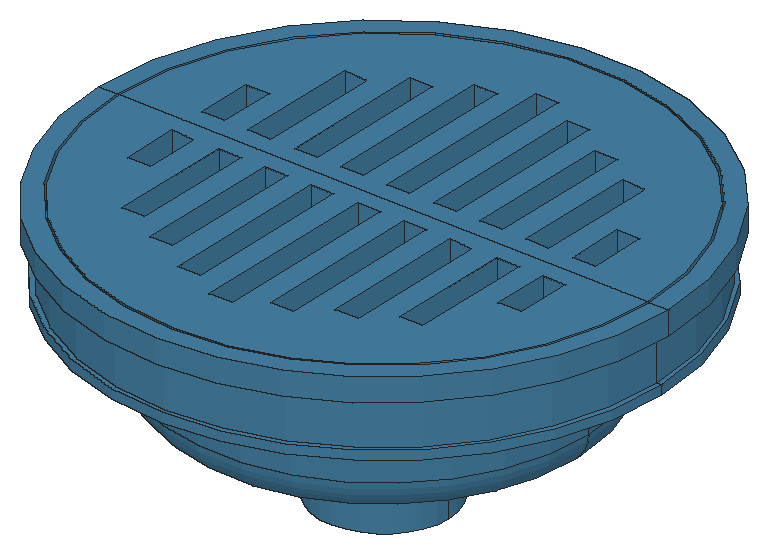
Revit family "Drain_Area_Top_Round_Zurn-Z503", category Plumbing Fixtures, Revit 2022
Family settings
  Round Connector Dimension = Use Radius
  Part Type = Normal
  OmniClass Number = 23.45.55.21
  OmniClass Title = Drains (Wastes)
  Work Plane-Based = No
  Always vertical = Yes
  Cut with Voids When Loaded = No
  Maintain Annotation Orientation = No
  Shared = No
  Room Calculation Point = No
Parameters (values of type "Load Family Catalog")
  ZN-Top = no
  Waste Connection = 1 = 1  # yes
  WFU = 0  # constant formula
  Vent Connection = 1 = 0  # no
  URL = "www.zurn.com"
  Type Comments = "Z503-3 Inch Inside Caulk Outlet"
  Trap Primer = 1 = 1  # yes
  Grate Open Area (Sq. In) = "53"
  Grater Material = Iron - Zurn - Cast - Painted - Blue
  Product data url = "https://www.bimobject.com/en-us/zurnindustries/product/zurn-z503"
  Product Page URL = "https://www.zurn.com/products/drainage-interceptors/floor-drains/area-drains/z503"
  Product Documentation Link = "https://files.zurn.com/spec-sheets/z503.pdf"
  Frame Height = 1.875"
  Connector Radius = [A_ Pipe Size (Nominal)] / 2  # 1.500"
  Model = "Z503-3IC"
  Main Material = Iron - Zurn - Cast - Painted - Blue
  HWFU = 0  # constant formula
  HW Connection = 1 = 0  # no
  Description = "15-3/8 [391] DIAMETER TOP HEAVY-DUTY AREA DRAIN"  # constant formula
  CWFU = 0  # constant formula
  CW Connection = 1 = 0  # no
  Assembly Code = "D2030300"
  A_ Pipe Size (Nominal) = 3.000"
  A_ Pipe Size (Actual-Outer) = 3.500"
  A_ Pipe Size (Actual-Inner) = 2.998"
  Modified Date = "11/07/2025"  # constant formula
  Manufacurer Brand = "Zurn"  # constant formula
  Manufacturer = "Zurn Water, LLC"  # constant formula
  E_ Body Height = 5.250"
  Default Elevation = 4.000"  # constant formula
  Date Created = "01/19/2018"  # constant formula
  Approx. Weight (Lbs) = 65.000"
Reference planes (in)
  plane 1 "Center (Front/Back)": y = 0
  plane 2 "Top Level": z = -1.875
  plane 3 "Center (Left/Right)": x = 0
  plane 4: through (-4.38902, 4.38902, 48) normal (0.7071, 0.7071, 0)
  plane 5: through (4.7432, 4.7432, 48) normal (0.7071, -0.7071, 0)
  plane 6: x = -7.5
  plane 7: x = 7.5
  plane 8: x = -7.6875
  plane 9: x = 7.6875
  plane 10: x = -7.375
  plane 11: x = 7.375
  plane 12: x = -7.25
  plane 13: x = 7.25
  plane 14: z = -0.125
  plane 15: z = -0.625
  plane 16: x = -7.25
  plane 17: x = 7.25
  plane 18: x = -6
  plane 19: x = -1.75
  plane 20: x = 1.75
  plane 21: x = -1.499
  plane 22: x = 1.499
  plane 23: z = -4.4375
  plane 24: z = -4.6875
  plane 25: x = -5.4375
  plane 26: z = -7.125
  plane 27: z = -2.125
  plane 28: z = 0
  plane 29: y = 0.5
  plane 30: y = 5.5
  plane 31: y = 5
  plane 32: y = 3.75
  plane 33: y = 2
  plane 34: y = 4.375
  plane 35: y = -0.5
  plane 36: y = -3.75
  plane 37: y = -4.375
  plane 38: y = -5.5
  plane 39: y = -5
  plane 40: y = -2
  plane 41: x = -0.3125
  plane 42: x = -0.9375
  plane 43: x = -1.5625
  plane 44: x = -2.1875
  plane 45: x = -2.8125
  plane 46: x = -3.4375
  plane 47: x = -4.0625
  plane 48: x = -4.6875
  plane 49: x = -5.3125
  plane 50: x = 0.3125
  plane 51: x = 0.9375
  plane 52: x = 1.5625
  plane 53: x = 2.1875
  plane 54: x = 2.8125
  plane 55: x = 3.4375
  plane 56: x = 4.0625
  plane 57: x = 4.6875
  plane 58: x = 5.3125
  plane 59: y = 1.75
  plane 60: y = -1.75
  plane 61: x = -6.125
  plane 62: x = 6.125
  plane 63: y = 7
  plane 64: y = -7
Forms (in)
  Revolve 1, solid, material "Iron - Zurn - Cast - Painted - Blue" <- "Main Material", detail levels fine
    sketch origin (0, 0, 0) x (1, 0, 0) y (0, 0, 1)
      loop
        line (-7.5, -1.875) -> (-7.5, -2.125) -> (-7.27407, -2.125) -> (-6.12272, -2.3488)
        arc (-6.12272, -2.3488) -> (-5.77751, -2.54411) -> (-5.61935, -2.90785) r 0.625
        line (-5.61935, -2.90785) -> (-5.54351, -3.77466)
        arc (-5.54351, -3.77466) -> (-5.22291, -4.42478) -> (-4.54732, -4.6875) r 1
        line (-4.54732, -4.6875) -> (-2.25, -4.6875)
        arc (-2.25, -4.6875) -> (-1.89645, -4.83395) -> (-1.75, -5.1875) r 0.5
        line (-1.75, -5.1875) -> (-1.75, -7.125) -> (-1.499, -7.125) -> (-1.499, -4.4375) -> (-4.54732, -4.4375)
        arc (-4.54732, -4.4375) -> (-5.05401, -4.24046) -> (-5.29447, -3.75287) r 0.75
        line (-5.29447, -3.75287) -> (-5.4375, -2.11798) -> (-6, -2.11798) -> (-7.25, -1.875) -> (-7.5, -1.875)
      axis (0, -7.125) -> (0, -1.875)
    angle from 0 to 360
  Revolve 2, solid, material "Iron - Zurn - Cast - Painted - Blue" <- "Main Material", detail levels fine
    sketch origin (0, 0, 0) x (1, 0, 0) y (0, 0, 1)
      loop
        line (7.6875, 0) -> (7.1875, 0) -> (7.1875, -0.625) -> (6.875, -0.625) -> (6.875, -1.875) -> (7.375, -1.875) -> (7.375, -0.625) -> (7.6875, -0.625) -> (7.6875, 0)
      axis (0, 0) -> (0, -1.875)
    angle from 0 to 360
  Revolve 3, solid, material "Iron - Zurn - Cast - Painted - Blue" <- "Grater Material", detail levels fine
    sketch origin (0, 0, 0) x (1, 0, 0) y (0, 0, 1)
      loop
        line (0, 0) -> (0, -0.625) -> (7.125, -0.625) -> (7.125, 0) -> (0, 0)
      axis (0, 0) -> (0, -0.625)
    angle from 0 to 360
  Revolve 4, solid, material "Iron - Zurn - Cast - Painted - Blue" <- "Grater Material", visible <- "ZN-Top", detail levels fine
    sketch origin (0, 0, 0) x (1, 0, 0) y (0, 0, 1)
      loop
        line (0, 0) -> (7.6875, 0) -> (7.6875, 0.1875) -> (0, 0.1875) -> (0, 0)
      axis (0, 0.1875) -> (0, 0)
    angle from 0 to 360
  Extrusion 5, void
    sketch origin (0, 0, -1.875) x (1, 0, 0) y (0, 1, 0)
      loop
        line (-0.3125, 5.5) -> (-0.3125, 0.5) -> (0.3125, 0.5) -> (0.3125, 5.5) -> (-0.3125, 5.5)
      loop
        line (2.1875, 4.375) -> (2.1875, 0.5) -> (2.8125, 0.5) -> (2.8125, 4.375) -> (2.1875, 4.375)
      loop
        line (3.4375, 3.75) -> (3.4375, 0.5) -> (4.0625, 0.5) -> (4.0625, 3.75) -> (3.4375, 3.75)
      loop
        line (4.6875, 2) -> (4.6875, 0.5) -> (5.3125, 0.5) -> (5.3125, 2) -> (4.6875, 2)
      loop
        line (-2.8125, 4.375) -> (-2.8125, 0.5) -> (-2.1875, 0.5) -> (-2.1875, 4.375) -> (-2.8125, 4.375)
      loop
        line (-4.0625, 3.75) -> (-4.0625, 0.5) -> (-3.4375, 0.5) -> (-3.4375, 3.75) -> (-4.0625, 3.75)
      loop
        line (-5.3125, 2) -> (-5.3125, 0.5) -> (-4.6875, 0.5) -> (-4.6875, 2) -> (-5.3125, 2)
      loop
        line (-1.5625, 5) -> (-1.5625, 0.5) -> (-0.9375, 0.5) -> (-0.9375, 5) -> (-1.5625, 5)
      loop
        line (0.9375, 5) -> (0.9375, 0.5) -> (1.5625, 0.5) -> (1.5625, 5) -> (0.9375, 5)
      loop
        line (-5.3125, -0.5) -> (-5.3125, -2) -> (-4.6875, -2) -> (-4.6875, -0.5) -> (-5.3125, -0.5)
      loop
        line (-4.0625, -0.5) -> (-4.0625, -3.75) -> (-3.4375, -3.75) -> (-3.4375, -0.5) -> (-4.0625, -0.5)
      loop
        line (-2.8125, -0.5) -> (-2.8125, -4.375) -> (-2.1875, -4.375) -> (-2.1875, -0.5) -> (-2.8125, -0.5)
      loop
        line (-1.5625, -0.5) -> (-1.5625, -5) -> (-0.9375, -5) -> (-0.9375, -0.5) -> (-1.5625, -0.5)
      loop
        line (-0.3125, -0.5) -> (-0.3125, -5.5) -> (0.3125, -5.5) -> (0.3125, -0.5) -> (-0.3125, -0.5)
      loop
        line (0.9375, -0.5) -> (0.9375, -5) -> (1.5625, -5) -> (1.5625, -0.5) -> (0.9375, -0.5)
      loop
        line (2.1875, -0.5) -> (2.1875, -4.375) -> (2.8125, -4.375) -> (2.8125, -0.5) -> (2.1875, -0.5)
      loop
        line (3.4375, -0.5) -> (3.4375, -3.75) -> (4.0625, -3.75) -> (4.0625, -0.5) -> (3.4375, -0.5)
      loop
        line (4.6875, -0.5) -> (4.6875, -2) -> (5.3125, -2) -> (5.3125, -0.5) -> (4.6875, -0.5)
    from 1.25 to 2.0625
Cuts and joins
  Extrusion 5 cuts Revolve 2
  Extrusion 5 cuts Revolve 3
  Extrusion 5 cuts Revolve 4
Lines and regions (in)
  Masking region 1, detail levels fine
    outline origin (0, 0, -1.875) x (1, 0, 0) y (0, 1, 0)
      loop
        circle (0, 0) r 7.6875
  model lines, detail levels coarse+medium
    curve 1: line (0, 0, 0) -> (0, 0, -7.125)
    curve 2: line (-1.75, 0, -7.125) -> (1.75, 0, -7.125)
    curve 3: line (0, 1.75, -7.125) -> (0, -1.75, -7.125)
    curve 4: circle (0, 0, 0) r 7 normal (0, 0, 1)
    curve 5: line (-4.6875, 5.19878, 0) -> (-4.6875, -5.19878, 0)
    curve 6: line (-3.4375, 6.09784, 0) -> (-3.4375, -6.09784, 0)
    curve 7: line (-2.1875, 6.64942, 0) -> (-2.1875, -6.64942, 0)
    curve 8: line (0, 7, 0) -> (0, -7, 0)
    curve 9: line (4.6875, 5.19878, 0) -> (4.6875, -5.19878, 0)
    curve 10: line (3.4375, 6.09784, 0) -> (3.4375, -6.09784, 0)
    curve 11: line (2.1875, -6.64942, 0) -> (2.1875, 6.64942, 0)
    curve 12: line (0.9375, 6.93694, 0) -> (0.9375, -6.93694, 0)
    curve 13: line (-0.9375, 6.93694, 0) -> (-0.9375, -6.93694, 0)
    curve 14: line (-4.89898, 5, 0) -> (4.89898, 5, 0)
    curve 15: line (-5.9108, 3.75, 0) -> (5.9108, 3.75, 0)
    curve 16: line (-6.7082, 2, 0) -> (6.7082, 2, 0)
    curve 17: line (-7, 0, 0) -> (7, 0, 0)
    curve 18: line (-6.9282, 1, 0) -> (6.9282, 1, 0)
    curve 19: line (-6.38235, 2.875, 0) -> (6.38235, 2.875, 0)
    curve 20: line (-6.9282, -1, 0) -> (6.9282, -1, 0)
    curve 21: line (-6.7082, -2, 0) -> (6.7082, -2, 0)
    curve 22: line (-6.38235, -2.875, 0) -> (6.38235, -2.875, 0)
    curve 23: line (-5.9108, -3.75, 0) -> (5.9108, -3.75, 0)
    curve 24: line (-5.13407, -4.75829, 0) -> (4.91447, -4.98477, 0)
    curve 25: circle (0, 0, 0) r 7.6875 normal (0, 0, 1)
Dimensions and locks (in)
  locked: plane 3 "Center (Left/Right)" to plane 4
  locked: plane 5 to plane 4
  level to plane 2 "Top Level" = 1.875"
  equal spacing: plane 7, plane 3 "Center (Left/Right)", plane 6, locked at 7.5 each
  locked: plane 7 to plane 6 at 15
  equal spacing: plane 9, plane 3 "Center (Left/Right)", plane 8, locked at 7.6875 each
  locked: plane 10 to plane 8 at 0.3125
  locked: plane 9 to plane 11 at 0.3125
  locked: plane 12 to plane 8 at 0.4375
  locked: plane 9 to plane 13 at 0.4375
  locked: plane 16 to plane 6 at 0.25
  locked: plane 7 to plane 17 at 0.25
  equal spacing: plane 19, plane 3 "Center (Left/Right)", plane 20
  "A_ Pipe Size (Actual-Outer)": plane 19 to plane 20
  equal spacing: plane 22, plane 3 "Center (Left/Right)", plane 21
  "A_ Pipe Size (Actual-Inner)": plane 22 to plane 21
  locked: plane 2 "Top Level" to plane 23 at 2.5625
  locked: plane 23 to plane 24 at 0.25
  locked: plane 25 to plane 6 at 2.0625
  "E_ Body Height": plane 2 "Top Level" to plane 26
  locked: plane 2 "Top Level" to plane 27 at 0.25
  locked: Revolve 1 sketch curve to Revolve 1 sketch curve at 0.25  (x2)
  locked: plane 3 "Center (Left/Right)" to Revolve 1 sketch curve at 6.24197
  locked: plane 2 "Top Level" to Revolve 1 sketch curve at 1.08732
  plane 25 to Revolve 1 sketch curve = 0.89018"
  Revolve 1 sketch curve to plane 24 = 1.000"
  locked: Revolve 1 sketch curve to plane 19 at 0.5
  locked: plane 24 to Revolve 1 sketch curve at 0.5
  locked: plane 28 to plane 14 at 0.125
  locked: plane 28 to plane 15 at 0.625
  locked: plane 28 to plane 2 "Top Level" at 1.875
  locked: Revolve 4 sketch curve to plane 28 at 0.1875
  "Frame Height": level to plane 2 "Top Level"
  locked: plane 1 "Center (Front/Back)" to plane 29 at 0.5
  locked: plane 30 to plane 1 "Center (Front/Back)" at 5.5
  plane 30 to plane 31 = 0.500"
  locked: plane 32 to plane 33 at 1.75
  locked: plane 34 to plane 31 at 0.625
  plane 40 to plane 36 = 1.750"
  plane 36 to plane 37 to plane 39 to plane 38 = 0.625" locked, 0.625" locked, 0.500" locked
  locked: plane 38 to plane 1 "Center (Front/Back)" at 5.5
  locked: plane 1 "Center (Front/Back)" to plane 35 at 0.5
  plane 46 to plane 45 to plane 44 to plane 43 to plane 42 to plane 41 = 0.625" locked, 0.625" locked, 0.625" locked, 0.625" locked, 0.625" locked
  locked: plane 41 to plane 3 "Center (Left/Right)" at 0.3125
  plane 49 to plane 48 to plane 47 to plane 46 = 0.625" locked, 0.625" locked, 0.625" locked
  plane 55 to plane 54 to plane 53 to plane 52 to plane 51 to plane 50 = 0.625" locked, 0.625" locked, 0.625" locked, 0.625" locked, 0.625" locked
  plane 58 to plane 57 to plane 56 to plane 55 = 0.625" locked, 0.625" locked, 0.625" locked
  locked: plane 41 to plane 50 at 0.625
  locked: plane 34 to plane 32 at 0.625
  "A_ Pipe Size (Actual-Outer)": plane 59 to plane 60
  equal spacing: plane 59, plane 1 "Center (Front/Back)", plane 60
  plane 63 to plane 64 = 14.000"
  equal spacing: plane 63, plane 1 "Center (Front/Back)", plane 64
  locked: plane 1 "Center (Front/Back)" to curve 18 at 1
  locked: curve 19 to plane 33 at 0.875
  locked: curve 20 to plane 1 "Center (Front/Back)" at 1
  locked: curve 22 to plane 40 at 0.875
  locked: plane 9 to plane 8 at 15.375
  locked: Revolve 2 sketch curve to plane 17 at 0.375
  locked: Revolve 3 sketch curve to plane 3 "Center (Left/Right)" at 7.125
  locked: Revolve 2 sketch curve to plane 3 "Center (Left/Right)" at 7.1875
  radius of Revolve 1 sketch curve = 0.625"
  radius of Revolve 1 sketch curve = 0.750"
  radius of Revolve 1 sketch curve = 1.000"  (x2)
  radius of Revolve 1 sketch curve = 0.500"
  diameter of Masking region 1 sketch curve = 15.375"
  diameter of curve 4 = 14.000"
  angle Revolve 1 sketch curve to Revolve 1 sketch curve = 95.00°
  angle Revolve 1 sketch curve to plane 2 "Top Level" = 11.00°
  aligned and locked: Revolve 1 sketch curve to plane 6
  aligned and locked: plane 16 to Revolve 1 sketch curve
  aligned and locked: Revolve 1 sketch curve to plane 2 "Top Level"
  aligned and locked: Revolve 1 sketch curve to plane 23
  aligned and locked: Revolve 1 sketch curve to plane 19
  aligned and locked: Revolve 1 sketch curve to plane 21
  aligned and locked: plane 23 to Revolve 1 sketch curve
  aligned and locked: plane 3 "Center (Left/Right)" to Revolve 1 sketch curve
  aligned and locked: plane 26 to Revolve 1 sketch curve
  aligned and locked: Revolve 1 sketch curve to plane 27
  aligned and locked: plane 18 to Revolve 1 sketch curve
  aligned and locked: plane 25 to Revolve 1 sketch curve
  aligned and locked: level to Revolve 2 sketch curve
  aligned and locked: Revolve 2 sketch curve to Revolve 1
  aligned and locked: Revolve 2 sketch curve to plane 3 "Center (Left/Right)"
  aligned and locked: Revolve 3 sketch curve to plane 3 "Center (Left/Right)"  (x2)
  aligned and locked: Revolve 3 sketch curve to plane 15
  aligned and locked: plane 28 to Revolve 3 sketch curve
  aligned and locked: level to Revolve 3 sketch curve
  aligned and locked: Revolve 3 sketch curve to Revolve 1
  aligned and locked: Revolve 4 sketch curve to plane 3 "Center (Left/Right)"  (x2)
  aligned and locked: Revolve 4 sketch curve to plane 28
  aligned and locked: level to Revolve 4 sketch curve
  aligned and locked: Revolve 4 sketch curve to Revolve 1
  aligned and locked: plane 29 to Extrusion 5 sketch curve  (x9)
  aligned and locked: plane 49 to Extrusion 5 sketch curve  (x2)
  aligned and locked: plane 48 to Extrusion 5 sketch curve  (x2)
  aligned and locked: Extrusion 5 sketch curve to plane 33  (x2)
  aligned and locked: plane 47 to Extrusion 5 sketch curve  (x2)
  aligned and locked: Extrusion 5 sketch curve to plane 46  (x2)
  aligned and locked: Extrusion 5 sketch curve to plane 32  (x2)
  aligned and locked: Extrusion 5 sketch curve to plane 45  (x2)
  aligned and locked: Extrusion 5 sketch curve to plane 44  (x2)
  aligned and locked: plane 34 to Extrusion 5 sketch curve  (x2)
  aligned and locked: Extrusion 5 sketch curve to plane 30
  aligned and locked: plane 41 to Extrusion 5 sketch curve  (x2)
  aligned and locked: plane 50 to Extrusion 5 sketch curve  (x2)
  aligned and locked: Extrusion 5 sketch curve to plane 53  (x2)
  aligned and locked: Extrusion 5 sketch curve to plane 54  (x2)
  aligned and locked: Extrusion 5 sketch curve to plane 55  (x2)
  aligned and locked: plane 56 to Extrusion 5 sketch curve  (x2)
  aligned and locked: plane 57 to Extrusion 5 sketch curve  (x2)
  aligned and locked: plane 58 to Extrusion 5 sketch curve  (x2)
  aligned and locked: Extrusion 5 sketch curve to plane 43  (x2)
  aligned and locked: Extrusion 5 sketch curve to plane 42  (x2)
  aligned and locked: Extrusion 5 sketch curve to plane 31  (x2)
  aligned and locked: Extrusion 5 sketch curve to plane 51  (x2)
  aligned and locked: Extrusion 5 sketch curve to plane 52  (x2)
  aligned and locked: Extrusion 5 sketch curve to plane 35  (x9)
  aligned and locked: Extrusion 5 sketch curve to plane 40  (x2)
  aligned and locked: plane 36 to Extrusion 5 sketch curve  (x2)
  aligned and locked: plane 37 to Extrusion 5 sketch curve  (x2)
  aligned and locked: Extrusion 5 sketch curve to plane 39  (x2)
  aligned and locked: Extrusion 5 sketch curve to plane 38
  aligned and locked: Extrusion 5 to plane 15
  aligned and locked: cut or joined group of Revolve 4, Extrusion 5 to Extrusion 5
  aligned and locked: plane 19 to curve 2
  aligned and locked: plane 20 to curve 2
  aligned and locked: curve 2 to plane 26
  aligned and locked: level to curve 1
  aligned and locked: plane 26 to curve 1
  aligned and locked: curve 1 to plane 3 "Center (Left/Right)"
  aligned and locked: curve 3 to plane 59
  aligned and locked: plane 60 to curve 3
  aligned and locked: curve 3 to plane 26
  aligned and locked: plane 1 "Center (Front/Back)" to Masking region 1 sketch curve
  aligned and locked: plane 3 "Center (Left/Right)" to Masking region 1 sketch curve
  aligned and locked: plane 48 to curve 5
  aligned and locked: curve 6 to plane 46
  aligned and locked: curve 7 to plane 44
  aligned and locked: plane 63 to curve 8
  aligned and locked: curve 8 to plane 3 "Center (Left/Right)"
  aligned and locked: curve 9 to plane 57
  aligned and locked: plane 55 to curve 10
  aligned and locked: curve 11 to plane 53
  aligned and locked: plane 51 to curve 12
  aligned and locked: curve 13 to plane 42
  aligned and locked: curve 14 to plane 31
  aligned and locked: curve 15 to plane 32
  aligned and locked: curve 16 to plane 33
  aligned and locked: plane 1 "Center (Front/Back)" to curve 17
  aligned and locked: plane 40 to curve 21
  aligned and locked: curve 23 to plane 36
  aligned and locked: plane 15 to Revolve 2 sketch curve
  aligned and locked: plane 11 to Revolve 2 sketch curve
  aligned and locked: Revolve 2 sketch curve to plane 2 "Top Level"
  aligned and locked: Revolve 2 sketch curve to plane 15
  aligned and locked: plane 1 "Center (Front/Back)" to curve 25
  aligned and locked: plane 3 "Center (Left/Right)" to curve 25
  aligned and locked: plane 9 to Revolve 4 sketch curve
  aligned and locked: plane 28 to Revolve 2 sketch curve
Automatic sketch dimensions
  Revolve 1 sketch curve to level = 0.000"
  Revolve 1 sketch curve to plane 26 = 1.42324"
  Revolve 2 sketch curve to plane 9 = 0.000"
  curve 4 to curve 25 = 0.000"
  plane 49 to curve 24 = 0.17843"
  curve 24 to plane 39 = 0.01523"
  radius of curve 25 = 7.6875"
Connectors (in)
  piping at (0, 0, -7.125), diameter 3, driven by "Connector Radius", driven by "Waste Connection"
    settings: on Revolve 1, index 1, connector inside diameter 24", connector length 0.000", flow factor 0, pipe flow 0 GPM, pressure drop 0.00 psi, fitting loss kfactor 0, connector angle 0.00°, fixture units 0, engagement length 0.000", angle of deflection 0.00°, flow configuration 0, flow direction 2, fitting loss method 0, system type 16, joint type 0, gender type 0, connector reference index -1, connector utility 1, adjustable connector no, is connector primary yes, connector description "Sanitary Outlet"
Types in the file's own list only (33): name | ZN-Top | Type Comments | Grater Material | Frame Height | Connector Radius | Model | A_ Pipe Size (Nominal) | A_ Pipe Size (Actual-Outer) | A_ Pipe Size (Actual-Inner) | E_ Body Height | Default Elevation | Approx. Weight (Lbs)
  Z503-3IC | No | "Z503-3 Inch Inside Caulk Outlet" | Iron - Zurn - Cast - Painted - Blue | 1.875 " | 1.500 " | "Z503-3IC" | 3.000 " | 3.500 " | 2.998 " | 5.250 " | 4.000 " | 65.000 "
  Z503-4IC | No | "Z503-4 Inch Inside Caulk Outlet" | Iron - Zurn - Cast - Painted - Blue | 1.875 " | 2.000 " | "Z503-4IC" | 4.000 " | 4.500 " | 4.026 " | 5.250 " | 4.000 " | 65.000 "
  Z503-6IC | No | "Z503-6 Inch Inside Caulk Outlet" | Iron - Zurn - Cast - Painted - Blue | 1.875 " | 3.000 " | "Z503-6IC" | 6.000 " | 6.625 " | 6.065 " | 5.250 " | 4.000 " | 62.000 "
  Z503-2NH | No | "Z503-2 Inch No-Hub Outlet" | Iron - Zurn - Cast - Painted - Blue | 1.875 " | 1.000 " | "Z503-2NH" | 2.000 " | 2.375 " | 2.067 " | 5.250 " | 4.000 " | 65.000 "
  Z503-3NH | No | "Z503-3 Inch No-Hub Outlet" | Iron - Zurn - Cast - Painted - Blue | 1.875 " | 1.500 " | "Z503-3NH" | 3.000 " | 3.500 " | 2.998 " | 5.250 " | 4.000 " | 65.000 "
  Z503-4NH | No | "Z503-4 Inch No-Hub Outlet" | Iron - Zurn - Cast - Painted - Blue | 1.875 " | 2.000 " | "Z503-4NH" | 4.000 " | 4.500 " | 4.026 " | 5.250 " | 4.000 " | 65.000 "
  Z503-6NH | No | "Z503-6 Inch No-Hub Outlet" | Iron - Zurn - Cast - Painted - Blue | 1.875 " | 3.000 " | "Z503-6NH" | 6.000 " | 6.625 " | 6.065 " | 5.250 " | 4.000 " | 62.000 "
  Z503-8NH | No | "Z503-8 Inch No-Hub Outlet" | Iron - Zurn - Cast - Painted - Blue | 1.875 " | 4.000 " | "Z503-8NH" | 8.000 " | 8.625 " | 7.981 " | 5.250 " | 4.000 " | 63.000 "
  Z503-2NL | No | "Z503-2 Inch Neo-Loc Outlet" | Iron - Zurn - Cast - Painted - Blue | 1.875 " | 1.000 " | "Z503-2NL" | 2.000 " | 2.375 " | 2.067 " | 4.625 " | 4.000 " | 65.000 "
  Z503-3NL | No | "Z503-3 Inch Neo-Loc Outlet" | Iron - Zurn - Cast - Painted - Blue | 1.875 " | 1.500 " | "Z503-3NL" | 3.000 " | 3.500 " | 2.998 " | 4.625 " | 4.000 " | 65.000 "
  Z503-4NL | No | "Z503-4 Inch Neo-Loc Outlet" | Iron - Zurn - Cast - Painted - Blue | 1.875 " | 2.000 " | "Z503-4NL" | 4.000 " | 4.500 " | 4.026 " | 4.625 " | 4.000 " | 65.000 "
  ZN503-3IC | Yes | "ZN503-3 Inch Inside Caulk Outlet with Polished Nickel Bronze Top" | Bronze - Zurn - Polished Nickel | 2.063 " | 1.500 " | "ZN503-3IC" | 3.000 " | 3.500 " | 2.998 " | 5.250 " | 4.000 " | 65.000 "
  ZN503-4IC | Yes | "ZN503-4 Inch Inside Caulk Outlet with Polished Nickel Bronze Top" | Bronze - Zurn - Polished Nickel | 2.063 " | 2.000 " | "ZN503-4IC" | 4.000 " | 4.500 " | 4.026 " | 5.250 " | 4.000 " | 65.000 "
  ZN503-6IC | Yes | "ZN503-6 Inch Inside Caulk Outlet with Polished Nickel Bronze Top" | Bronze - Zurn - Polished Nickel | 2.063 " | 3.000 " | "ZN503-6IC" | 6.000 " | 6.625 " | 6.065 " | 5.250 " | 4.000 " | 62.000 "
  ZN503-2NH | Yes | "ZN503-2 Inch No-Hub Outlet with Polished Nickel Bronze Top" | Bronze - Zurn - Polished Nickel | 2.063 " | 1.000 " | "ZN503-2NH" | 2.000 " | 2.375 " | 2.067 " | 5.250 " | 4.000 " | 65.000 "
  ZN503-3NH | Yes | "ZN503-3 Inch No-Hub Outlet with Polished Nickel Bronze Top" | Bronze - Zurn - Polished Nickel | 2.063 " | 1.500 " | "ZN503-3NH" | 3.000 " | 3.500 " | 2.998 " | 5.250 " | 4.000 " | 65.000 "
  ZN503-4NH | Yes | "ZN503-4 Inch No-Hub Outlet with Polished Nickel Bronze Top" | Bronze - Zurn - Polished Nickel | 2.063 " | 2.000 " | "ZN503-4NH" | 4.000 " | 4.500 " | 4.026 " | 5.250 " | 4.000 " | 65.000 "
  ZN503-6NH | Yes | "ZN503-6 Inch No-Hub Outlet with Polished Nickel Bronze Top" | Bronze - Zurn - Polished Nickel | 2.063 " | 3.000 " | "ZN503-6NH" | 6.000 " | 6.625 " | 6.065 " | 5.250 " | 4.000 " | 62.000 "
  ZN503-8NH | Yes | "ZN503-8 Inch No-Hub Outlet with Polished Nickel Bronze Top" | Bronze - Zurn - Polished Nickel | 2.063 " | 4.000 " | "ZN503-8NH" | 8.000 " | 8.625 " | 7.981 " | 5.250 " | 4.000 " | 63.000 "
  ZN503-2NL | Yes | "ZN503-2 Inch Neo-Loc Outlet with Polished Nickel Bronze Top" | Bronze - Zurn - Polished Nickel | 2.063 " | 1.000 " | "ZN503-2NL" | 2.000 " | 2.375 " | 2.067 " | 4.625 " | 4.000 " | 65.000 "
  ZN503-3NL | Yes | "ZN503-3 Inch Neo-Loc Outlet with Polished Nickel Bronze Top" | Bronze - Zurn - Polished Nickel | 2.063 " | 1.500 " | "ZN503-3NL" | 3.000 " | 3.500 " | 2.998 " | 4.625 " | 4.000 " | 65.000 "
  ZN503-4NL | Yes | "ZN503-4 Inch Neo-Loc Outlet with Polished Nickel Bronze Top" | Bronze - Zurn - Polished Nickel | 2.063 " | 2.000 " | "ZN503-4NL" | 4.000 " | 4.500 " | 4.026 " | 4.625 " | 4.000 " | 65.000 "
  ZB503-3IC | Yes | "ZB503-3 Inch Inside Caulk Outlet with Polished Bronze Top" | Bronze - Zurn - Polished | 2.063 " | 1.500 " | "ZB503-3IC" | 3.000 " | 3.500 " | 2.998 " | 5.250 " | 4.000 " | 65.000 "
  ZB503-4IC | Yes | "ZB503-4 Inch Inside Caulk Outlet with Polished Bronze Top" | Bronze - Zurn - Polished | 2.063 " | 2.000 " | "ZB503-4IC" | 4.000 " | 4.500 " | 4.026 " | 5.250 " | 4.000 " | 65.000 "
  ZB503-6IC | Yes | "ZB503-6 Inch Inside Caulk Outlet with Polished Bronze Top" | Bronze - Zurn - Polished | 2.063 " | 3.000 " | "ZB503-6IC" | 6.000 " | 6.625 " | 6.065 " | 5.250 " | 4.000 " | 62.000 "
  ZB503-2NH | Yes | "ZB503-2 Inch No-Hub Outlet with Polished Bronze Top" | Bronze - Zurn - Polished | 2.063 " | 1.000 " | "ZB503-2NH" | 2.000 " | 2.375 " | 2.067 " | 5.250 " | 4.000 " | 65.000 "
  ZB503-3NH | Yes | "ZB503-3 Inch No-Hub Outlet with Polished Bronze Top" | Bronze - Zurn - Polished | 2.063 " | 1.500 " | "ZB503-3NH" | 3.000 " | 3.500 " | 2.998 " | 5.250 " | 4.000 " | 65.000 "
  ZB503-4NH | Yes | "ZB503-4 Inch No-Hub Outlet with Polished Bronze Top" | Bronze - Zurn - Polished | 2.063 " | 2.000 " | "ZB503-4NH" | 4.000 " | 4.500 " | 4.026 " | 5.250 " | 4.000 " | 65.000 "
  ZB503-6NH | Yes | "ZB503-6 Inch No-Hub Outlet with Polished Bronze Top" | Bronze - Zurn - Polished | 2.063 " | 3.000 " | "ZB503-6NH" | 6.000 " | 6.625 " | 6.065 " | 5.250 " | 4.000 " | 62.000 "
  ZB503-8NH | Yes | "ZB503-8 Inch No-Hub Outlet with Polished Bronze Top" | Bronze - Zurn - Polished | 2.063 " | 4.000 " | "ZB503-8NH" | 8.000 " | 8.625 " | 7.981 " | 5.250 " | 4.000 " | 63.000 "
  ZB503-2NL | Yes | "ZB503-2 Inch Neo-Loc Outlet with Polished Bronze Top" | Bronze - Zurn - Polished | 2.063 " | 1.000 " | "ZB503-2NL" | 2.000 " | 2.375 " | 2.067 " | 4.625 " | 4.000 " | 65.000 "
  ZB503-3NL | Yes | "ZB503-3 Inch Neo-Loc Outlet with Polished Bronze Top" | Bronze - Zurn - Polished | 2.063 " | 1.500 " | "ZB503-3NL" | 3.000 " | 3.500 " | 2.998 " | 4.625 " | 4.000 " | 65.000 "
  ZB503-4NL | Yes | "ZB503-4 Inch Neo-Loc Outlet with Polished Bronze Top" | Bronze - Zurn - Polished | 2.063 " | 2.000 " | "ZB503-4NL" | 4.000 " | 4.500 " | 4.026 " | 4.625 " | 4.000 " | 65.000 "
